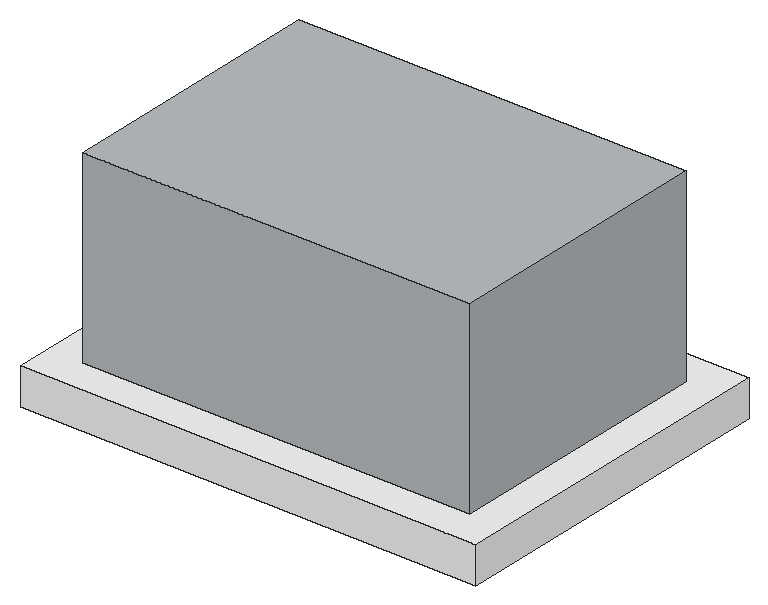
Revit family "wd-120_220bzr5_60Hz", category 機械設備, Revit 2019
Family settings
  丸型コネクタ寸法 = 直径を使用
  パーツ タイプ = 標準
  OmniClass 番号 = 23.75.35.17.27
  OmniClass タイトル = Centrifugal Fans
  作業面ベース = いいえ
  常に垂直 = はい
  ロード時にボイドで切り取り = いいえ
  共有 = いいえ
  部屋計算ポイント = はい
Parameters (values of type "WD-120BZR5")
  騒音レベル(dB(A)) [instance] = 45
  風量 [instance] = 190.0 m³/h
  電源種別 [instance] = ""
  電圧 = 100 V
  電動機出力 = 0 W
  電動機_種別 [instance] = ""
  運転質量 = 0.00 kg
  連動 [instance] = ""
  質量 = if(製品質量 > 運転質量, 製品質量, 運転質量) * 1.2  # 7.80 kg
  負荷分類 = 3_ファン類
  説明 = "バス乾燥・暖房・換気システム 浴室暖房機〈換気扇連動形〉"
  設計風量 [instance] = 0.0 m³/h
  設置方法 = "カセット形"
  記号 [instance] = ""
  製造元 = "三菱電機株式会社"
  製品質量 = 6.50 kg
  製品出荷対象 = "国内"
  製品リリース年月 = "2022年6月1日"
  製品グループ = ""
  系統 [instance] = ""
  符号 [instance] = if(☑給気／□排気, "FS", "FE")  # "FE"
  積算_科目 = "2 換気設備"
  積算_拾い区分 [instance] = ""
  相 = 1
  盤記号 [instance] = ""
  発停方法 [instance] = ""
  特殊仕様 [instance] = ""
  点検口離隔 = 150 mm
  点検口_Depth = 450 mm
  点検口 = yes
  火災停止 [instance] = ""
  消費電力 = 1330 W
  法定耐用年数 = "10"
  機外静圧 [instance] = 0.0 Pa
  極数 = 2
  材質 [instance] = ""
  本体固定用穴ピッチ4 = 224 mm
  本体固定用穴ピッチ3 = 424 mm
  操作・制御方式 = ""
  操作・制御スイッチ = ""
  排気量 [instance] = if(☑給気／□排気, 0.0 m³/h, 設計風量)  # 0.0 m³/h
  形式 = ""
  幹線記号 [instance] = ""
  対象室 [instance] = ""
  実風量 [instance] = 0.0 m³/h
  始動方式 [instance] = "直入"
  本体固定用穴ピッチ2 = 304 mm
  本体固定用穴ピッチ1 = 265 mm
  外気量 [instance] = if(☑給気／□排気, 設計風量, 0.0 m³/h)  # 0.0 m³/h
  呼称 = ""
  周波数 = 60 Hz
  参照している仕様書等のバージョン = ""
  分類コード = "50052503100080"
  分類グループ = ""
  価格 = 108800
  企業コード = "108420"
  付属品_防振装置 = ""
  付属品 [instance] = ""
  仕様書バージョン = "Version1.0"
  モデル = "WD-120BZR5"
  マテリアル = 亜鉛メッキ鋼板
  ファンの種類 = ""
  コメント [instance] = ""
  Keynote = ""
  カバーマテリアル = 合成樹脂(白)
  ☑給気／□排気 [instance] = no
  Width = 400 mm
  W1 = 472 mm
  Version = ""
  Uniclass2015Version = "Systems v1.9"
  Uniclass2015Title = "Centrifugal fans"
  Uniclass2015Code = "Pr_65_67_29_12"
  URL = "https://www.mitsubishielectric.co.jp/ldg/wink/ssl/displayProduct.do?pid=320838"
  SpecificationReference = ""
  SpecificationDescription = ""
  Revision = ""
  ProductInformation = ""
  OmniClassCode = "23-33 31 19 11 15"
  MIN風量 = 95.0 m³/h
  MIN静圧 = 0.0 Pa
  MID風量 = 0.0 m³/h
  MID静圧 = 0.0 Pa
  MAX風量 = 190.0 m³/h
  MAX静圧 = 0.0 Pa
  IfcTypeProduct = ""
  IfcProduct = ""
  IfcExportType = "PROPELLORAXIAL"
  IfcExportAs = "IfcFanType"
  Height = 195 mm
  H1 = 38 mm
  Depth = 280 mm
  D1 = 352 mm
  Author = "三菱電機株式会社"
Types (2, lengths in mm): name | 騒音レベル(dB(A)) | 風量 | 電圧 | 質量 | 製品質量 | 消費電力 | 極数 | 価格 | モデル | URL | MIN風量 | MAX風量
  WD-120BZR5 | 45 | 190.0 m³/h | 100 V | 7.80 kg | 6.50 kg | 1330 W | 2 | 108800 | "WD-120BZR5" | "https://www.mitsubishielectric.co.jp/ldg/wink/ssl/displayProduct.do?pid=320838" | 95.0 m³/h | 190.0 m³/h
  WD-220BZR5 | 48 | 200.0 m³/h | 200 V | 8.40 kg | 7.00 kg | 2280 W | 3 | 137100 | "WD-220BZR5" | "https://www.mitsubishielectric.co.jp/ldg/wink/ssl/displayProduct.do?pid=320859" | 100.0 m³/h | 200.0 m³/h
Reference planes
  plane 1 "中心(正面/背面)": y = 0
  plane 2: z = 0
  plane 3 "中心(左/右)": x = 0
  plane 4: x = -236
  plane 5: x = 236
  plane 6: y = 176
  plane 7: y = -176
  plane 8: x = -200
  plane 9: x = 200
  plane 10: y = 140
  plane 11: y = -140
  plane 12: z = 195
  plane 13: z = -38
  plane 14: x = -132.5
  plane 15: x = 132.5
  plane 16: y = 152
  plane 17: y = -152
  plane 18: x = -212
  plane 19: x = 212
  plane 20: y = 112
  plane 21: y = -112
  plane 22: x = -350
  plane 23: x = -800
  plane 24: y = 225
  plane 25: y = -225
Forms (mm)
  Extrusion 1, solid, material "亜鉛メッキ鋼板" <- "マテリアル", detail levels fine
    sketch origin (0, 0, 0) x (1, 0, 0) y (0, 1, 0)
      loop
        line (-200, 140) -> (-200, -140) -> (200, -140) -> (200, 140) -> (-200, 140)
    from 0 to 195
  Extrusion 2, solid, material "合成樹脂(白)" <- "カバーマテリアル", detail levels fine
    sketch origin (0, 0, 0) x (1, 0, 0) y (0, 1, 0)
      loop
        line (-236, 176) -> (-236, -176) -> (236, -176) -> (236, 176) -> (-236, 176)
    from 0 to -38
Dimensions and locks
  equal spacing: plane 4, plane 3 "中心(左/右)", plane 5
  "W1": plane 4 to plane 5
  equal spacing: plane 6, plane 1 "中心(正面/背面)", plane 7
  "D1": plane 6 to plane 7
  equal spacing: plane 8, plane 3 "中心(左/右)", plane 9
  "Width": plane 8 to plane 9
  equal spacing: plane 10, plane 1 "中心(正面/背面)", plane 11
  "Depth": plane 10 to plane 11
  "Height": plane 12 to plane 2
  equal spacing: plane 14, plane 3 "中心(左/右)", plane 15
  "本体固定用穴ピッチ1": plane 14 to plane 15
  equal spacing: plane 16, plane 1 "中心(正面/背面)", plane 17
  "本体固定用穴ピッチ2": plane 16 to plane 17
  "H1": plane 2 to plane 13
  equal spacing: plane 20, plane 1 "中心(正面/背面)", plane 21
  equal spacing: plane 18, plane 3 "中心(左/右)", plane 19
  "本体固定用穴ピッチ3": plane 18 to plane 19
  equal spacing: plane 24, plane 1 "中心(正面/背面)", plane 25
  "点検口_Depth": plane 24 to plane 25
  "点検口_Depth": plane 23 to plane 22
  "点検口離隔": plane 22 to plane 8
  "本体固定用穴ピッチ4": plane 20 to plane 21
  aligned and locked: level to plane 2
  aligned and locked: plane 5 to Extrusion 2
  aligned and locked: plane 6 to Extrusion 2
  aligned and locked: Extrusion 2 to plane 4
  aligned and locked: Extrusion 2 to plane 7
  aligned and locked: plane 9 to Extrusion 1
  aligned and locked: Extrusion 1 to plane 11
  aligned and locked: Extrusion 1 to plane 8
  aligned and locked: plane 10 to Extrusion 1
  aligned and locked: plane 12 to Extrusion 1
  aligned and locked: Extrusion 2 to plane 13
  aligned and locked: level to Extrusion 2
  aligned and locked: Extrusion 1 to level
  aligned and locked: nested 2 to plane 14
  aligned and locked: nested 2 to plane 15
  aligned and locked: nested 2 to plane 17
  aligned and locked: nested 2 to plane 16
  aligned and locked: nested 3 to plane 20
  aligned and locked: nested 3 to plane 21
  aligned and locked: plane 18 to nested 3
  aligned and locked: plane 19 to nested 3
  aligned and locked: plane 22 to nested 4
  aligned and locked: plane 23 to nested 4
  aligned and locked: plane 24 to nested 4
  aligned and locked: plane 25 to nested 4
Automatic sketch dimensions
  Extrusion 1 sketch curve to plane 3 "中心(左/右)" = 200 mm
  plane 3 "中心(左/右)" to Extrusion 1 sketch curve = 200 mm
  Extrusion 2 sketch curve to plane 3 "中心(左/右)" = 236 mm
  plane 3 "中心(左/右)" to Extrusion 2 sketch curve = 236 mm
  plane 1 "中心(正面/背面)" to Extrusion 1 sketch curve = 140 mm
  Extrusion 1 sketch curve to plane 1 "中心(正面/背面)" = 140 mm
  plane 1 "中心(正面/背面)" to Extrusion 2 sketch curve = 176 mm
  Extrusion 2 sketch curve to plane 1 "中心(正面/背面)" = 176 mm
Nested families
  nested 1: "記号_天井換気扇_平面" at (0, 0, 0), type "記号_天井換気扇_平面", detail levels coarse+medium
  nested 2: "固定点" at (-132.5, -152, 0), type "固定点"
    with W 265 mm, D 304 mm
  nested 3: "固定点" at (-212, -112, 0), type "固定点"
    with W 424 mm, D 224 mm
  nested 4: "点検口設置範囲" at (-575, 0, 0), visible <- "点検口", type "点検口設置範囲"
    with Width 450 mm, Depth 450 mm
Connectors
  electrical at (0, 0, 195), driven by "極数", driven by "負荷分類", driven by "電圧", driven by "消費電力"
    settings: on Extrusion 1, index 3, voltage 100 V, apparent load 1330 VA, apparent load phase1 0 VA, apparent load phase2 0 VA, apparent load phase3 0 VA, power factor 1, load classification "3_ファン類", number of poles 2, system type 30, power factor state 1, is connector primary yes, connector utility no, sub classification motor no, connector description ""
Definition of nested family "記号_天井換気扇_平面"
  Reference planes
    plane 1: y = 0
    plane 2: x = 0
  Lines and regions (mm)
    detail lines
      curve 1: line (-2.5, 2.5, 0) -> (2.5, 2.5, 0)
      curve 2: line (-2.5, -2.5, 0) -> (-2.5, 2.5, 0)
      curve 3: line (2.5, -2.5, 0) -> (-2.5, -2.5, 0)
      curve 4: line (2.5, 2.5, 0) -> (2.5, -2.5, 0)
      curve 5: circle (-1.04, -1.04, 0) r 1.46 normal (0, 0, 1)
      curve 6: circle (1.04, 1.04, 0) r 1.46 normal (0, 0, 1)
      curve 7: line (-3.125, 3.125, 0) -> (3.125, 3.125, 0)
      curve 8: line (-3.125, -3.125, 0) -> (-3.125, 3.125, 0)
      curve 9: line (3.125, -3.125, 0) -> (-3.125, -3.125, 0)
      curve 10: line (3.125, 3.125, 0) -> (3.125, -3.125, 0)
      curve 11: circle (1.295, 1.295, 0) r 1.83 normal (0, 0, 1)
      curve 12: circle (-1.295, -1.295, 0) r 1.83 normal (0, 0, 1)
      curve 13: line (-2, 2, 0) -> (2, 2, 0)
      curve 14: line (-2, -2, 0) -> (-2, 2, 0)
      curve 15: line (2, -2, 0) -> (-2, -2, 0)
      curve 16: line (2, 2, 0) -> (2, -2, 0)
      curve 17: circle (0.84, 0.84, 0) r 1.16 normal (0, 0, 1)
      curve 18: circle (-0.84, -0.84, 0) r 1.2 normal (0, 0, 1)
Definition of nested family "固定点"
  Parameters (values of type "固定点")
    中心円 = 20 mm
    W [instance] = 1000 mm
    D [instance] = 1000 mm
  Reference planes
    plane 1 "中心(正面/背面)": y = 0
    plane 2: z = 0
    plane 3 "中心(左/右)": x = 0
    plane 4: x = 1000
    plane 5: y = 1000
  Lines and regions (mm)
    symbolic lines, detail levels fine
      curve 1: circle (0, 1000, 0) r 10 normal (0, 0, 1)
      curve 2: circle (0, 0, 0) r 10 normal (0, 0, 1)
      curve 3: circle (1000, 1000, 0) r 10 normal (0, 0, 1)
      curve 4: circle (1000, 0, 0) r 10 normal (0, 0, 1)
      curve 5: line (-200, 1000, 0) -> (1200, 1000, 0)
      curve 6: line (-200, 0, 0) -> (1200, 0, 0)
      curve 7: line (0, 1200, 0) -> (0, -200, 0)
      curve 8: line (1000, 1200, 0) -> (1000, -200, 0)
  Dimensions and locks
    "W": plane 3 "中心(左/右)" to plane 4
    "D": plane 1 "中心(正面/背面)" to plane 5
    "中心円": diameter of curve 1
    "中心円": diameter of curve 2
    "中心円": diameter of curve 3
    "中心円": diameter of curve 4
    aligned and locked: level to plane 2
    aligned and locked: plane 5 to curve 1
    aligned and locked: plane 3 "中心(左/右)" to curve 1
    aligned and locked: plane 3 "中心(左/右)" to curve 2
    aligned and locked: plane 1 "中心(正面/背面)" to curve 2
    aligned and locked: plane 4 to curve 3
    aligned and locked: plane 5 to curve 3
    aligned and locked: plane 1 "中心(正面/背面)" to curve 4
    aligned and locked: plane 4 to curve 4
    aligned and locked: plane 1 "中心(正面/背面)" to curve 6
    aligned and locked: curve 7 to plane 3 "中心(左/右)"
    aligned and locked: curve 8 to plane 4
  Automatic sketch dimensions
    curve 5 to plane 5 = 0 mm
    curve 6 to plane 3 "中心(左/右)" = 200 mm
    curve 5 to plane 3 "中心(左/右)" = 200 mm
    curve 4 to curve 6 = 200 mm
    curve 3 to curve 5 = 200 mm
    plane 1 "中心(正面/背面)" to curve 8 = 200 mm
    plane 1 "中心(正面/背面)" to curve 7 = 200 mm
    curve 3 to curve 8 = 200 mm
    curve 1 to curve 7 = 200 mm
Definition of nested family "点検口設置範囲"
  Parameters (values of type "点検口設置範囲")
    Width [instance] = 1000 mm
    Depth [instance] = 700 mm
  Reference planes
    plane 1 "中心(正面/背面)": y = 0
    plane 2: z = 0
    plane 3 "中心(左/右)": x = 0
    plane 4: x = -500
    plane 5: x = 500
    plane 6: y = -350
    plane 7: y = 350
  Lines and regions (mm)
    model lines
      curve 1: line (-500, 350, 0) -> (500, 350, 0)
      curve 2: line (-500, -350, 0) -> (-500, 350, 0)
      curve 3: line (500, -350, 0) -> (-500, -350, 0)
      curve 4: line (500, 350, 0) -> (500, -350, 0)
  Dimensions and locks
    "Depth": plane 7 to plane 6
    "Width": plane 4 to plane 5
    equal spacing: plane 7, plane 1 "中心(正面/背面)", plane 6
    equal spacing: plane 4, plane 3 "中心(左/右)", plane 5
    aligned and locked: level to plane 2
    aligned and locked: plane 4 to curve 2
    aligned and locked: curve 1 to plane 7
    aligned and locked: curve 4 to plane 5
    aligned and locked: plane 6 to curve 3
